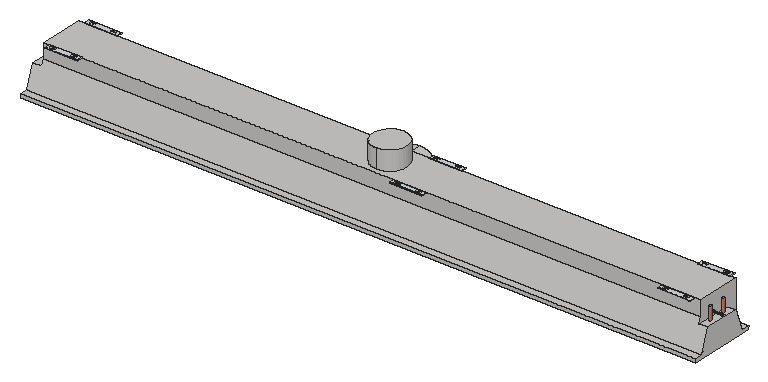
Revit family "HVAC-Chilled_Beam-Dadanco-ACB45", category Mechanical Equipment, Revit 2015
Parameters (values of type "10' Nominal Length")
  Zone Name [instance] = ""
  Zone ID [instance] = ""
  Weight = if(Nominal Unit Length = 2' 0", 40 lbf, if(Nominal Unit Length = 4' 0", 70 lbf, if(Nominal Unit Length = 6' 0", 110 lbf, 0 lbf)))  # 0 lbf
  Unit Width = 1' - 11 3/4"  # constant formula
  Unit Height = 0' - 11 5/64"  # constant formula
  Total Cooling Capacity = 0.0 Btu/h
  Supply Air = 0 CFM
  Sound Level dBA = ""
  Sound Level NC = ""
  Secondary Air Sensible Heating = 0.0 Btu/h
  Secondary Air Sensible Cooling = 0.0 Btu/h
  SHHW Temperature = 0 °F
  SHHW Pressure Drop [instance] = HWPD  # 0 Pa
  SHHW Flow [instance] = HWF  # 0 GPM
  SCHW Temperature = 0 °F
  SCHW Pressure Drop [instance] = CWPD  # 0 Pa
  SCHW Flow [instance] = CWF  # 0 GPM
  Revision Date = "07/19/2010"  # constant formula
  Primary Air Static Pressure [instance] = PASP  # 0.00 in-wg
  Primary Air Inlet Top [instance] = yes
  Primary Air Inlet Size = 0' - 6"
  Primary Air Inlet Back [instance] = yes
  Primary Air Flow Rate [instance] = PA  # 0 CFM
  PASP = 0.00 in-wg
  PA = 0 CFM
  Overall Unit Length = Nominal Unit Length + 0' 2 1/2"  # 10' - 2 1/2"
  Origin1 = Nominal Unit Length / 2  # 5' - 0"
  Nozzle Configuration = ""
  Nominal Unit Length = 10' - 0"
  Net Unit Heating Sensible = 0.0 Btu/h
  Net Unit Cooling Sensible = 0.0 Btu/h
  Model Number = ""
  Unit Tag [instance] = ""
  Unit Length = Nominal Unit Length - 0' 0 1/4"  # 9' - 11 3/4"
  URL = "http://www.dadanco.com/"
  Type Comments = "2-way Discharge Horizontal Coil"
  SHHW Temp Out = 0 °F
  SCHW Temp Out = 0 °F
  Product Page URL = "http://www.activechilledbeam.com/efficient_air_conditioning.asp"
  Latent Cooling = 0.0 Btu/h
  Keynote = "23 37 00.A1"
  Heating Supply Air Temperature = 0 °F
  Heating Room Dry Bulb = 0 °F
  Heating Primary Air Dry Bulb = 0 °F
  HWPD = 0 Pa
  HWF = 0 GPM
  Front Back Air Inlet [instance] = or(Primary Air Inlet Top, Primary Air Inlet Back)  # yes
  Pipe Material = Metal-Dadanco-Copper-Satin
  Pipe Coil Outlet = if(and([4 Pipe Coil Configuration], [0.5 inch SWT Stub Coil Connection]), "4 Pipe Coi, 0.5 inch SWT Stub Coil Connection", if(and([2 Pipe Coil Configuration], [0.5 inch SWT Stub Coil Connection]), "2 Pipe Coi, 0.5 inch SWT Stub Coil Connection", if(and([4 Pipe Coil Configuration], [0.5 inch Male NPT Stub Coil Connection]), "4 Pipe Coi, 0.5 inch Male NPT Stub Coil Connection", if(and([2 Pipe Coil Configuration], [0.5 inch Male NPT Stub Coil Connection]), "2 Pipe Coi, 0.5 inch Male NPT Stub Coil Connection", if(and([4 Pipe Coil Configuration], [0.5 inch Female NPT Stub coil Connection]), "4 Pipe Coi, 0.5 inch Female NPT Stub Coil Connection", if(and([2 Pipe Coil Configuration], [0.5 inch Female NPT Stub coil Connection]), "2 Pipe Coi, 0.5 inch Female NPT Stub Coil Connection", "Not Specified"))))))  # "2 Pipe Coi, 0.5 inch SWT Stub Coil Connection"
  Pipe Coil Inlet = if(and([4 Pipe Coil Configuration], [0.5 inch SWT Stub Coil Connection]), "4 Pipe Coi, 0.5 inch SWT Stub Coil Connection", if(and([2 Pipe Coil Configuration], [0.5 inch SWT Stub Coil Connection]), "2 Pipe Coi, 0.5 inch SWT Stub Coil Connection", if(and([4 Pipe Coil Configuration], [0.5 inch Male NPT Stub Coil Connection]), "4 Pipe Coi, 0.5 inch Male NPT Stub Coil Connection", if(and([2 Pipe Coil Configuration], [0.5 inch Male NPT Stub Coil Connection]), "2 Pipe Coi, 0.5 inch Male NPT Stub Coil Connection", if(and([4 Pipe Coil Configuration], [0.5 inch Female NPT Stub coil Connection]), "4 Pipe Coi, 0.5 inch Female NPT Stub Coil Connection", if(and([2 Pipe Coil Configuration], [0.5 inch Female NPT Stub coil Connection]), "2 Pipe Coi, 0.5 inch Female NPT Stub Coil Connection", "Not Specified"))))))  # "2 Pipe Coi, 0.5 inch SWT Stub Coil Connection"
  Drain Connection [instance] = yes
  Documentation Link = "http://www.dadanco.com/ACB/air_conditioning_literature.asp?productLineID=30"
  Drain Right [instance] = and(Drain, Coil Connection Right)  # yes
  Drain Left [instance] = and(Drain, Coil Connection Left)  # no
  Drain [instance] = Drain Connection  # yes
  Cooling Supply Air Temperature = 0 °F
  Cooling Room Relative Humidity = 0
  Cooling Room Dry Bulb = 0 °F
  Cooling Primary Air Wet Bulb = 0 °F
  Cooling Primary Air Dry Bulb = 0 °F
  Comiss Tube Right [instance] = yes
  Comiss Tube Left [instance] = not(Comiss Tube Right)  # no
  Coil Connection Right [instance] = yes
  Coil Connection Left [instance] = not(Coil Connection Right)  # no
  Coil Length = if(Nominal Unit Length = 2' 0", 2' 0", if(Nominal Unit Length = 4' 0", 3' 4", if(Nominal Unit Length = 6' 0", 5' 4", 0' 0")))  # 0' - 0"
  Model = "ACB40"  # constant formula
  Manufacturer = "Dadanco"  # constant formula
  Housing Material = Metal-Dadanco-Steel-Galvanized
  Description = "Active Chilled Beam"  # constant formula
  Center Bracket = if(or(Nominal Unit Length = 8' 0", Nominal Unit Length = 10' 0"), 1 = 1, 1 = 0)  # yes
  CWPD = 0 Pa
  CWF = 0 GPM
  Architectural Design Manual = "http://www.activechilledbeam.com/efficient_air_conditioning.asp"
  4 Pipe Coil Drain Left [instance] = and(Drain Left, [4 Pipe Coil Configuration])  # no
  4 Pipe Coil Configuration Right [instance] = and([4 Pipe Coil Configuration], Coil Connection Right)  # no
  4 Pipe Coil Configuration Left [instance] = and([4 Pipe Coil Configuration], Coil Connection Left)  # no
  4 Pipe Coil Configuration = if([2 or 4 pipe] = 4, 1 = 1, 1 = 0)  # no
  4 Pipe Coil Drain Right [instance] = and(Drain Right, [4 Pipe Coil Configuration])  # no
  2 or 4 pipe = 2
  2 Pipe Coil Configuration = if([2 or 4 pipe] = 2, 1 = 1, 1 = 0)  # yes
  Assembly Code = "D3040100"
  0.5 inch SWT Stub Coil Connection = not(or([0.5 inch Male NPT Stub Coil Connection], [0.5 inch Female NPT Stub coil Connection]))  # yes
  0.5 inch Male NPT Stub Coil Connection = no
  0.5 inch Female NPT Stub coil Connection = no
Types (6): name | Weight | Primary Air Inlet Back | Overall Unit Length | Origin1 | Nominal Unit Length | Unit Length | Coil Length | Center Bracket
  (no name) | 0 lbf | yes | 10' - 2 1/2" | 5' - 0" | 10' - 0" | 9' - 11 3/4" | 0' - 0" | yes
  4' Nominal Length | 70 lbf | no | 4' - 2 1/2" | 2' - 0" | 4' - 0" | 3' - 11 3/4" | 3' - 4" | no
  2' Nominal Length | 40 lbf | no | 2' - 2 1/2" | 1' - 0" | 2' - 0" | 1' - 11 3/4" | 2' - 0" | no
  6' Nominal Length | 110 lbf | yes | 6' - 2 1/2" | 3' - 0" | 6' - 0" | 5' - 11 3/4" | 5' - 4" | no
  8' Nominal Length | 0 lbf | yes | 8' - 2 1/2" | 4' - 0" | 8' - 0" | 7' - 11 3/4" | 0' - 0" | yes
  10' Nominal Length | 0 lbf | yes | 10' - 2 1/2" | 5' - 0" | 10' - 0" | 9' - 11 3/4" | 0' - 0" | yes
Reference planes (in)
  plane 1 "Center (Front/Back)": y = 0.77127
  plane 2 "Top Face of Plenum": z = 11.07812
  plane 3 "Center (Left/Right)": x = 0.55581
  plane 4 "Right End": x = 60.43081
  plane 5 "Bottom Face": z = 0
  plane 6 "Left End": x = -59.31919
  plane 7: y = -11.10373
  plane 8: z = 6.111
  plane 9: z = 5.047
  plane 10: y = -0.91773
Forms (in)
  Extrusion 1, solid, material "Metal-Dadanco-Steel-Galvanized" <- "Housing Material"
    sketch origin (0.55581, 0, 0) x (0, 1, 0) y (0, 0, 1)
      loop
        line (-5.10373, 0) -> (6.64627, 0) -> (6.64627, 0.63) -> (5.90327, 0.63) -> (5.90327, 7.965) -> (-1.89973, 7.965) -> (-1.89973, 5.308) -> (-3.74273, 0.63) -> (-5.10373, 0.63) -> (-5.10373, 0)
    from -59.875 to 59.875
  Extrusion 2, solid, material "Metal-Dadanco-Steel-Galvanized", visible <- "Primary Air Inlet Back", detail levels medium+fine
    sketch origin (0.55581, 5.90327, 0.63) x (0, 0, 1) y (1, 0, 0)
      loop
        circle (3.6675, 0) r 3
    from 0 to 2.83
  Extrusion 3, void
    sketch origin (60.43081, 0, 0) x (0, -1, 0) y (0, 0, 1)
      loop
        line (1.89973, 7.965) -> (-5.90327, 7.965) -> (-5.90327, 0.63) -> (-5.28527, 0.63) -> (-3.81069, 4.375) -> (2.26731, 4.375) -> (1.89973, 5.308) -> (1.89973, 7.965)
    from 0 to 1.625
  Extrusion 4, void
    sketch origin (-59.31919, 0, 0) x (0, 1, 0) y (0, 0, 1)
      loop
        line (5.90327, 0.63) -> (5.90327, 7.965) -> (-1.89973, 7.965) -> (-1.89973, 5.308) -> (-2.26731, 4.375) -> (3.81069, 4.375) -> (5.28527, 0.63) -> (5.90327, 0.63)
    from 0 to 1.625
  Extrusion 5, solid, material "Metal-Dadanco-Copper-Satin" <- "Pipe Material", visible <- "Coil Connection Left", detail levels medium+fine
    sketch origin (60.43081, -2.26731, 4.375) x (0, 1, 0) y (-1, 0, 0)
      loop
        circle (4.22758, 118.67) r 0.25
    from 0 to 2.14844
  Extrusion 6, solid, material "Metal-Dadanco-Copper-Satin" <- "Pipe Material", visible <- "Coil Connection Left", detail levels medium+fine
    sketch origin (-59.31919, 3.81069, 4.375) x (0, -1, 0) y (1, 0, 0)
      loop
        circle (4.72842, 1.08) r 0.25
    from 0 to 2.14844
  Extrusion 7, solid, material "Metal-Dadanco-Copper-Satin" <- "Pipe Material", visible <- "Coil Connection Right", detail levels medium+fine
    sketch origin (-59.31919, 3.81069, 4.375) x (0, -1, 0) y (1, 0, 0)
      loop
        circle (1.35042, 118.67) r 0.25
    from 0 to 2.14844
  Extrusion 8, solid, material "Metal-Dadanco-Copper-Satin" <- "Pipe Material", visible <- "Coil Connection Right", detail levels medium+fine
    sketch origin (60.43081, -2.26731, 4.375) x (0, 1, 0) y (-1, 0, 0)
      loop
        circle (1.84958, 1.08) r 0.25
    from 0 to 2.14844
  Extrusion 9, solid, material "Metal-Dadanco-Steel-Galvanized", visible <- "Primary Air Inlet Top", detail levels medium+fine
    sketch origin (0.55581, 5.90327, 7.965) x (0, -1, 0) y (1, 0, 0)
      loop
        circle (3.9015, 0) r 3
    from 0 to 3.30078
  Extrusion 10, solid, visible <- "Comiss Tube Right", detail levels fine
    sketch origin (58.80581, 0, 0) x (0, 1, 0) y (0, 0, 1)
      loop
        circle (0.77127, 5.047) r 0.125
    from 0 to 2
  Extrusion 11, solid, visible <- "Comiss Tube Left"
    sketch origin (-57.69419, 0, 0) x (0, -1, 0) y (0, 0, 1)
      loop
        circle (-0.77127, 5.047) r 0.125
    from 0 to 2
  Extrusion 12, solid
    sketch origin (0.55581, 5.90327, 7.965) x (0, -1, 0) y (1, 0, 0)
      loop
        line (7.803, -57.25) -> (8.803, -57.25) -> (8.803, -51.5) -> (7.803, -51.5) -> (7.803, -57.25)
      loop
        arc (8.112, -56.5) -> (8.362, -56.75) -> (8.612, -56.5) r 0.25
        line (8.612, -56.5) -> (8.612, -56)
        arc (8.612, -56) -> (8.362, -55.75) -> (8.112, -56) r 0.25
        line (8.112, -56) -> (8.112, -56.5)
      loop
        arc (8.112, -52.75) -> (8.362, -53) -> (8.612, -52.75) r 0.25
        line (8.612, -52.75) -> (8.612, -52.25)
        arc (8.612, -52.25) -> (8.362, -52) -> (8.112, -52.25) r 0.25
        line (8.112, -52.25) -> (8.112, -52.75)
      loop
        line (7.803, 51.5) -> (8.803, 51.5) -> (8.803, 57.25) -> (7.803, 57.25) -> (7.803, 51.5)
      loop
        arc (8.112, 52.25) -> (8.362, 52) -> (8.612, 52.25) r 0.25
        line (8.612, 52.25) -> (8.612, 52.75)
        arc (8.612, 52.75) -> (8.362, 53) -> (8.112, 52.75) r 0.25
        line (8.112, 52.75) -> (8.112, 52.25)
      loop
        arc (8.112, 56) -> (8.362, 55.75) -> (8.612, 56) r 0.25
        line (8.612, 56) -> (8.612, 56.5)
        arc (8.612, 56.5) -> (8.362, 56.75) -> (8.112, 56.5) r 0.25
        line (8.112, 56.5) -> (8.112, 56)
      loop
        line (-1, 51.5) -> (0, 51.5) -> (0, 57.25) -> (-1, 57.25) -> (-1, 51.5)
      loop
        arc (-0.809, 52.25) -> (-0.559, 52) -> (-0.309, 52.25) r 0.25
        line (-0.309, 52.25) -> (-0.309, 52.75)
        arc (-0.309, 52.75) -> (-0.559, 53) -> (-0.809, 52.75) r 0.25
        line (-0.809, 52.75) -> (-0.809, 52.25)
      loop
        arc (-0.809, 56) -> (-0.559, 55.75) -> (-0.309, 56) r 0.25
        line (-0.309, 56) -> (-0.309, 56.5)
        arc (-0.309, 56.5) -> (-0.559, 56.75) -> (-0.809, 56.5) r 0.25
        line (-0.809, 56.5) -> (-0.809, 56)
      loop
        line (-1, -57.25) -> (0, -57.25) -> (0, -51.5) -> (-1, -51.5) -> (-1, -57.25)
      loop
        arc (-0.809, -56.5) -> (-0.559, -56.75) -> (-0.309, -56.5) r 0.25
        line (-0.309, -56.5) -> (-0.309, -56)
        arc (-0.309, -56) -> (-0.559, -55.75) -> (-0.809, -56) r 0.25
        line (-0.809, -56) -> (-0.809, -56.5)
      loop
        arc (-0.809, -52.75) -> (-0.559, -53) -> (-0.309, -52.75) r 0.25
        line (-0.309, -52.75) -> (-0.309, -52.25)
        arc (-0.309, -52.25) -> (-0.559, -52) -> (-0.809, -52.25) r 0.25
        line (-0.809, -52.25) -> (-0.809, -52.75)
    from 0 to -0.05859
  Extrusion 13, solid, visible <- "Center Bracket"
    sketch origin (0.55581, 5.90327, 7.965) x (0, -1, 0) y (1, 0, 0)
      loop
        line (0, 3.875) -> (0, 9.625) -> (-1, 9.625) -> (-1, 3.875) -> (0, 3.875)
      loop
        line (7.803, 3.875) -> (8.75085, 3.875) -> (8.75085, 9.625) -> (7.803, 9.625) -> (7.803, 3.875)
      loop
        line (-0.309, 4.625) -> (-0.309, 5.125)
        arc (-0.309, 5.125) -> (-0.559, 5.375) -> (-0.809, 5.125) r 0.25
        line (-0.809, 5.125) -> (-0.809, 4.625)
        arc (-0.809, 4.625) -> (-0.559, 4.375) -> (-0.309, 4.625) r 0.25
      loop
        line (-0.309, 8.375) -> (-0.309, 8.875)
        arc (-0.309, 8.875) -> (-0.559, 9.125) -> (-0.809, 8.875) r 0.25
        line (-0.809, 8.875) -> (-0.809, 8.375)
        arc (-0.809, 8.375) -> (-0.559, 8.125) -> (-0.309, 8.375) r 0.25
      loop
        line (8.55985, 4.625) -> (8.55985, 5.125)
        arc (8.55985, 5.125) -> (8.30985, 5.375) -> (8.05985, 5.125) r 0.25
        line (8.05985, 5.125) -> (8.05985, 4.625)
        arc (8.05985, 4.625) -> (8.30985, 4.375) -> (8.55985, 4.625) r 0.25
      loop
        line (8.55985, 8.375) -> (8.55985, 8.875)
        arc (8.55985, 8.875) -> (8.30985, 9.125) -> (8.05985, 8.875) r 0.25
        line (8.05985, 8.875) -> (8.05985, 8.375)
        arc (8.05985, 8.375) -> (8.30985, 8.125) -> (8.55985, 8.375) r 0.25
    from 0 to -0.05859
Cuts and joins
  Extrusion 3, Extrusion 4 cuts Extrusion 1
Lines and regions (in)
  model lines, detail levels medium+fine
    curve 1: line (-59.31919, -3.58173, 0) -> (60.43081, -3.58173, 0)
    curve 2: line (-59.31919, 5.12427, 0) -> (60.43081, 5.12427, 0)
  symbolic lines, not visible, detail levels medium+fine
    curve 3: arc (0.43081, -5.48123, 9.05812) -> (0.55581, -5.48123, 9.18312) -> (0.68081, -5.48123, 9.05812) r 0.125
    curve 4: arc (0.68081, -5.48123, 9.05812) -> (0.55581, -5.48123, 8.93312) -> (0.43081, -5.48123, 9.05812) r 0.125
  model lines
    curve 5: line (-59.31919, -5.10373, 0) -> (60.43081, -5.10373, 0)
    curve 6: line (60.43081, -5.10373, 0) -> (60.43081, 6.64627, 0)
    curve 7: line (60.43081, 6.64627, 0) -> (-59.31919, 6.64627, 0)
    curve 8: line (-59.31919, 6.64627, 0) -> (-59.31919, -5.10373, 0)
Dimensions and locks (in)
  equal spacing: plane 6 "Left End", plane 3 "Center (Left/Right)", plane 4 "Right End"
  "Unit Length": plane 6 "Left End" to plane 4 "Right End"
  "Unit Height": plane 2 "Top Face of Plenum" to plane 5 "Bottom Face"
  locked: Extrusion 2 to Extrusion 2 at 2.83
  plane 7 to plane 1 "Center (Front/Back)" = 0' - 11 7/8"
  plane 5 "Bottom Face" to plane 8 = 0' - 6.111"
  locked: plane 3 "Center (Left/Right)" to Extrusion 2 sketch curve at 0
  locked: Extrusion 9 sketch curve to plane 3 "Center (Left/Right)" at 0
  locked: Extrusion 1 sketch curve to Extrusion 1 sketch curve at 7.803
  locked: Extrusion 1 sketch curve to Extrusion 1 sketch curve at 7.335
  locked: plane 5 "Bottom Face" to Extrusion 1 sketch curve at 0.63  (x2)
  locked: Extrusion 1 sketch curve to Extrusion 1 sketch curve at 1.361
  locked: Extrusion 1 sketch curve to Extrusion 1 sketch curve at 0.743
  locked: Extrusion 1 sketch curve to Extrusion 1 sketch curve at 11.75
  locked: Extrusion 1 sketch curve to Extrusion 1 sketch curve at 2.657
  locked: Extrusion 1 sketch curve to Extrusion 1 sketch curve at 5.02796
  locked: Extrusion 3 sketch curve to Extrusion 3 sketch curve at 6.078
  locked: Extrusion 3 sketch curve to Extrusion 3 sketch curve at 0.618
  locked: plane 5 "Bottom Face" to Extrusion 3 sketch curve at 4.375
  locked: Extrusion 3 sketch curve to Extrusion 3 sketch curve at 4.02485
  locked: Extrusion 3 sketch curve to Extrusion 3 sketch curve at 2.657
  locked: Extrusion 3 sketch curve to Extrusion 3 sketch curve at 7.335
  locked: Extrusion 3 sketch curve to Extrusion 3 sketch curve at 1.0028
  locked: cut or joined group of Extrusion 1, Extrusion 3, Extrusion 4 to cut or joined group of Extrusion 1, Extrusion 3, Extrusion 4 at 7.803
  locked: Extrusion 4 sketch curve to Extrusion 4 sketch curve at 6.078
  locked: Extrusion 4 sketch curve to Extrusion 4 sketch curve at 1.0028
  locked: Extrusion 4 sketch curve to Extrusion 4 sketch curve at 4.02485
  locked: Extrusion 4 sketch curve to Extrusion 4 sketch curve at 0.618
  locked: Extrusion 4 sketch curve to Extrusion 4 sketch curve at 7.335
  equal spacing: cut or joined group of Extrusion 1, Extrusion 3, Extrusion 4, Extrusion 2 sketch curve, cut or joined group of Extrusion 1, Extrusion 3, Extrusion 4
  equal spacing: cut or joined group of Extrusion 1, Extrusion 3, Extrusion 4, Extrusion 9 sketch curve, cut or joined group of Extrusion 1, Extrusion 3, Extrusion 4
  locked: Extrusion 12 sketch curve to Extrusion 12 sketch curve at 5.75  (x4)
  locked: cut or joined group of Extrusion 1, Extrusion 3, Extrusion 4 to Extrusion 12 sketch curve at 2.625
  locked: Extrusion 12 sketch curve to Extrusion 12 sketch curve at 0.5  (x16)
  locked: Extrusion 12 sketch curve to Extrusion 12 sketch curve at 0.191  (x8)
  locked: Extrusion 12 sketch curve to Extrusion 12 sketch curve at 0.75  (x8)
  locked: Extrusion 12 sketch curve to cut or joined group of Extrusion 1, Extrusion 3, Extrusion 4 at 2.625  (x2)
  locked: Extrusion 12 sketch curve to Extrusion 12 sketch curve at 1  (x2)
  locked: Extrusion 12 sketch curve to cut or joined group of Extrusion 1, Extrusion 3, Extrusion 4 at 0
  locked: cut or joined group of Extrusion 1, Extrusion 3, Extrusion 4 to Extrusion 5 sketch curve at 4.686
  locked: cut or joined group of Extrusion 1, Extrusion 3, Extrusion 4 to Extrusion 5 sketch curve at 1.08
  locked: Extrusion 7 sketch curve to cut or joined group of Extrusion 1, Extrusion 3, Extrusion 4 at 1.08
  locked: cut or joined group of Extrusion 1, Extrusion 3, Extrusion 4 to Extrusion 7 sketch curve at 4.186
  locked: cut or joined group of Extrusion 1, Extrusion 3, Extrusion 4 to Extrusion 8 sketch curve at 4.686
  locked: Extrusion 8 sketch curve to cut or joined group of Extrusion 1, Extrusion 3, Extrusion 4 at 1.08
  locked: cut or joined group of Extrusion 1, Extrusion 3, Extrusion 4 to Extrusion 6 sketch curve at 1.08
  locked: cut or joined group of Extrusion 1, Extrusion 3, Extrusion 4 to Extrusion 6 sketch curve at 4.186
  locked: Extrusion 13 sketch curve to Extrusion 13 sketch curve at 5.75
  locked: plane 3 "Center (Left/Right)" to Extrusion 13 sketch curve at 3.875
  Extrusion 13 sketch curve to Extrusion 13 sketch curve = 0' - 1"
  locked: Extrusion 13 sketch curve to Extrusion 13 sketch curve at 0.5  (x8)
  locked: Extrusion 13 sketch curve to Extrusion 13 sketch curve at 0.191  (x4)
  locked: Extrusion 13 sketch curve to Extrusion 13 sketch curve at 0.75  (x4)
  aligned and locked: plane 5 "Bottom Face" to level
  aligned and locked: Extrusion 1 to plane 6 "Left End"
  aligned and locked: Extrusion 1 to plane 4 "Right End"
  aligned and locked: cut or joined group of Extrusion 1, Extrusion 3, Extrusion 4 to Extrusion 13 sketch curve
  aligned and locked: Extrusion 13 sketch curve to Extrusion 13 sketch curve  (x2)
Automatic sketch dimensions
  curve 4 to plane 3 "Center (Left/Right)" = 0' - 0"
  curve 4 to plane 2 "Top Face of Plenum" = 0' - 2.02"
  plane 3 "Center (Left/Right)" to curve 4 = 0' - 0 1/8"
  level to Extrusion 1 sketch curve = 0' - 0"
  plane 1 "Center (Front/Back)" to Extrusion 1 sketch curve = 0' - 5 7/8"
  curve 1 to plane 4 "Right End" = 0' - 0"
  curve 2 to plane 4 "Right End" = 0' - 0"
  curve 2 to plane 6 "Left End" = 0' - 0"
  curve 1 to plane 6 "Left End" = 0' - 0"
  curve 1 to plane 1 "Center (Front/Back)" = 0' - 4.353"
  plane 1 "Center (Front/Back)" to curve 2 = 0' - 4.353"
  Extrusion 3 sketch curve to Extrusion 1 = 0' - 0"
  Extrusion 1 to Extrusion 3 sketch curve = 0' - 0"
  Extrusion 1 to Extrusion 4 sketch curve = 0' - 0"  (x3)
  Extrusion 4 sketch curve to Extrusion 1 = 0' - 0"
  Extrusion 10 sketch curve to Extrusion 3 = 0' - 0.672"
  Extrusion 10 sketch curve to Extrusion 3 = 0' - 2.671"
  Extrusion 11 sketch curve to Extrusion 4 = 0' - 0.672"
  Extrusion 11 sketch curve to Extrusion 4 = 0' - 2.671"
  Extrusion 1 to Extrusion 12 sketch curve = 0' - 0"  (x3)
  Extrusion 1 to Extrusion 12 sketch curve = 0' - 0.309"  (x2)
  Extrusion 1 to Extrusion 12 sketch curve = 0' - 2 5/8"
  Extrusion 1 to Extrusion 13 sketch curve = 0' - 0"
  Extrusion 1 to Extrusion 13 sketch curve = 0' - 0.25685"
  curve 8 to Extrusion 1 = 0' - 0"
  curve 7 to Extrusion 1 = 0' - 0"  (x2)
  Extrusion 1 to curve 6 = 0' - 0"
  radius of Extrusion 2 sketch curve = 0' - 3"
  radius of Extrusion 6 sketch curve = 0' - 0 1/4"
  radius of Extrusion 8 sketch curve = 0' - 0 1/4"
  radius of Extrusion 9 sketch curve = 0' - 3"
  radius of Extrusion 10 sketch curve = 0' - 0 1/8"
  radius of Extrusion 11 sketch curve = 0' - 0 1/8"
  radius of Extrusion 5 sketch curve = 0' - 0 1/4"
  radius of Extrusion 7 sketch curve = 0' - 0 1/4"
Connectors (in)
  hvac at (0.55581, 8.73327, 4.2975), driven by "Primary Air Flow Rate", driven by "Primary Air Static Pressure", driven by "Primary Air Inlet Size"
    settings: on Extrusion 2, index 3, duct flow 0 CFM, flow factor 0, pres drop 0.00 in-wg, loss coef 0, conn angle 0.00°, conn width 7 215/256", conn height 2 41/64", conn diameter 6", duct sys type 1, conn prof type 0, flow config 1, flow direction 1, loss method 4, conn ref index -1, conn util no, is conn primary yes, conn desc "Primary Air Inlet Back (E)"
  piping at (59.35081, -0.41773, 6.52344), diameter 0.5, driven by "SCHW Flow"
    settings: on Extrusion 8, index 13, connector inside diameter 24", connector length 0' - 0", flow factor 0, pipe flow 0 GPM, pressure drop 0 Pa, fitting loss kfactor 0, connector angle 0.00°, fixture units 0, engagement length 0' - 0", angle of deflection 0.00°, flow configuration 1, flow direction 1, fitting loss method 0, system type 7, joint type 0, gender type 0, connector reference index -1, connector utility 0, adjustable connector no, is connector primary yes, connector description "SCHW Supply Right"
  piping at (59.35081, 2.46027, 6.52344), diameter 0.5, driven by "SCHW Flow", driven by "SCHW Pressure Drop"
    settings: on Extrusion 7, index 16, connector inside diameter 24", connector length 0' - 0", flow factor 0, pipe flow 0 GPM, pressure drop 0 Pa, fitting loss kfactor 0, connector angle 0.00°, fixture units 0, engagement length 0' - 0", angle of deflection 0.00°, flow configuration 1, flow direction 2, fitting loss method 4, system type 8, joint type 0, gender type 0, connector reference index -1, connector utility 0, adjustable connector no, is connector primary no, connector description "SCHW Return Right"
  piping at (-58.23919, 1.96027, 6.52344), diameter 0.5, driven by "SCHW Flow", driven by "SCHW Pressure Drop"
    settings: on Extrusion 5, index 17, connector inside diameter 24", connector length 0' - 0", flow factor 0, pipe flow 0 GPM, pressure drop 0 Pa, fitting loss kfactor 0, connector angle 0.00°, fixture units 0, engagement length 0' - 0", angle of deflection 0.00°, flow configuration 1, flow direction 2, fitting loss method 4, system type 8, joint type 0, gender type 0, connector reference index -1, connector utility 0, adjustable connector no, is connector primary no, connector description "SCHW Return Left"
  piping at (-58.23919, -0.91773, 6.52344), diameter 0.5, driven by "SCHW Flow"
    settings: on Extrusion 6, index 20, connector inside diameter 24", connector length 0' - 0", flow factor 0, pipe flow 0 GPM, pressure drop 0 Pa, fitting loss kfactor 0, connector angle 0.00°, fixture units 0, engagement length 0' - 0", angle of deflection 0.00°, flow configuration 1, flow direction 1, fitting loss method 0, system type 7, joint type 0, gender type 0, connector reference index -1, connector utility 0, adjustable connector no, is connector primary no, connector description "SCHW Supply Left"
  hvac at (0.55581, 2.00177, 11.26578), driven by "Primary Air Static Pressure", driven by "Primary Air Flow Rate", driven by "Primary Air Inlet Size"
    settings: on Extrusion 9, index 21, duct flow 0 CFM, flow factor 0, pres drop 0.00 in-wg, loss coef 0, conn angle 0.00°, conn width 12", conn height 12", conn diameter 6", duct sys type 1, conn prof type 0, flow config 1, flow direction 1, loss method 4, conn ref index -1, conn util no, is conn primary no, conn desc "Primary Air Inlet Top"
